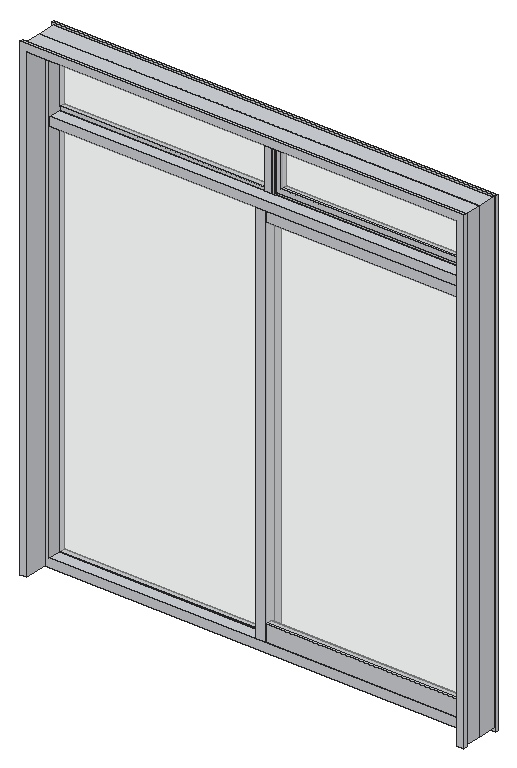
Revit family "APL Residential Thermal Heart Sliding Door SF with Overlight", category Doors, host Wall, Revit 2017 (continued)
Definition of nested family "APL Residential Thermal Heart Sliding Door SF with Overlight Vertical Section"
  Definition of nested family "Sill Two Panel"
    Definition of nested family "65380_Frame Sill"
      Lines and regions (mm)
        detail lines, in view "Ref. Level"
          curve 217: arc (26.583, 24, 0) -> (26.278, 23.801, 0) -> (26.005, 24.043, 0) r 0.3
          curve 218: arc (26.005, 24.043, 0) -> (25.939, 24.181, 0) -> (25.813, 24.269, 0) r 0.3
          curve 219: arc (24.403, 24.782, 0) -> (24.117, 24.738, 0) -> (24.001, 24.474, 0) r 0.3
          curve 220: arc (24.208, 22.109, 0) -> (24.235, 22.008, 0) -> (24.295, 21.923, 0) r 0.3
          curve 221: arc (24.659, 21.559, 0) -> (24.852, 21.507, 0) -> (24.993, 21.648, 0) r 0.2
          curve 222: arc (25.038, 21.816, 0) -> (25.09, 21.905, 0) -> (25.179, 21.957, 0) r 0.2
          curve 223: arc (27.4, 22.5, 0) -> (27.68, 22.307, 0) -> (27.6, 21.977, 0) r 0.3
          curve 224: arc (27.6, 21.977, 0) -> (27.526, 21.875, 0) -> (27.5, 21.753, 0) r 0.3
          curve 225: arc (27.694, 17.75, 0) -> (27.658, 17.578, 0) -> (27.5, 17.5, 0) r 0.2
          curve 226: arc (26.979, 17.5, 0) -> (26.898, 17.511, 0) -> (26.823, 17.544, 0) r 0.3
          curve 227: arc (25.569, 18.309, 0) -> (25.572, 18.479, 0) -> (25.466, 18.612, 0) r 0.25
          curve 228: arc (25.38, 18.664, 0) -> (25.128, 18.668, 0) -> (25, 18.45, 0) r 0.25
          curve 229: arc (25, 16.875, 0) -> (25.128, 16.385, 0) -> (25.479, 16.021, 0) r 1
          curve 230: line (64.2, 22.468, 0) -> (65.7, 22.468, 0)
          curve 231: line (62.286, 10.8, 0) -> (53.629, 10.8, 0)
          curve 232: line (53.629, 10.8, 0) -> (39.189, 9.622, 0)
          curve 233: line (36.605, 8.4, 0) -> (29.901, 8.4, 0)
          curve 234: line (29.4, 8.9, 0) -> (29.4, 22, 0)
          curve 235: line (29.9, 22.5, 0) -> (44.4, 22.5, 0)
          curve 236: line (46.1, 24.2, 0) -> (46.1, 35.405, 0)
          curve 237: line (46.5, 36.5, 0) -> (46.5, 41.1, 0)
          curve 238: line (47, 41.6, 0) -> (65.699, 41.6, 0)
          curve 239: line (66.2, 41.1, 0) -> (66.2, 32, 0)
          curve 240: line (64.2, 25.519, 0) -> (64.2, 16.468, 0)
          curve 241: line (64.2, 16.468, 0) -> (65.701, 16.468, 0)
          curve 242: line (27.5, 14.7, 0) -> (29.4, 14.7, 0)
          curve 243: line (27.317, 8.501, 0) -> (23.754, 8.189, 0)
          curve 244: line (23.583, 7.922, 0) -> (24.399, 5.679, 0)
          curve 245: line (25.569, 5.691, 0) -> (26.823, 6.456, 0)
          curve 246: line (26.979, 6.5, 0) -> (27.5, 6.5, 0)
          curve 247: line (27.694, 6.25, 0) -> (27.5, 5.5, 0)
          curve 248: line (27.5, 5.475, 0) -> (27.5, 2.247, 0)
          curve 249: line (27.168, 1.51, 0) -> (25.179, 2.043, 0)
          curve 250: line (25.038, 2.185, 0) -> (24.993, 2.352, 0)
          curve 251: line (24.659, 2.442, 0) -> (24.295, 2.078, 0)
          curve 252: line (24.208, 1.892, 0) -> (24.001, -0.474, 0)
          curve 253: line (24.403, -0.782, 0) -> (25.813, -0.268, 0)
          curve 254: line (26.583, 0, 0) -> (28.9, 0, 0)
          curve 255: line (29.4, 0.5, 0) -> (29.4, 6.1, 0)
          curve 256: line (29.9, 6.6, 0) -> (33.5, 6.6, 0)
          curve 257: line (33.5, 6.6, 0) -> (33.9, 7, 0)
          curve 258: line (33.9, 7, 0) -> (34.3, 6.6, 0)
          curve 259: line (34.3, 6.6, 0) -> (37.767, 6.6, 0)
          curve 260: line (40.611, 7.831, 0) -> (53.707, 8.9, 0)
          curve 261: line (53.707, 8.9, 0) -> (58.307, 8.9, 0)
          curve 262: line (58.307, 8.9, 0) -> (58.707, 9.3, 0)
          curve 263: line (58.707, 9.3, 0) -> (59.107, 8.9, 0)
          curve 264: line (59.107, 8.9, 0) -> (68.1, 8.9, 0)
          curve 265: line (68.3, 8.7, 0) -> (68.3, 0.5, 0)
          curve 266: line (68.8, 0, 0) -> (71.117, 0, 0)
          curve 267: line (71.887, -0.268, 0) -> (73.297, -0.782, 0)
          curve 268: line (73.699, -0.474, 0) -> (73.492, 1.892, 0)
          curve 269: line (73.405, 2.078, 0) -> (73.041, 2.442, 0)
          curve 270: line (72.707, 2.352, 0) -> (72.662, 2.185, 0)
          curve 271: line (72.521, 2.043, 0) -> (70.532, 1.51, 0)
          curve 272: line (70.2, 2.247, 0) -> (70.2, 5.475, 0)
          curve 273: line (70.2, 5.5, 0) -> (70.006, 6.25, 0)
          curve 274: line (70.2, 6.5, 0) -> (70.721, 6.5, 0)
          curve 275: line (70.877, 6.456, 0) -> (72.131, 5.691, 0)
          curve 276: line (72.7, 5.55, 0) -> (72.7, 7.124, 0)
          curve 277: line (72.7, 8.875, 0) -> (72.7, 10.449, 0)
          curve 278: line (72.131, 10.309, 0) -> (70.877, 9.544, 0)
          curve 279: line (70.721, 9.5, 0) -> (70.2, 9.5, 0)
          curve 280: line (70.006, 9.75, 0) -> (70.2, 10.5, 0)
          curve 281: line (70.2, 10.526, 0) -> (70.2, 13.753, 0)
          curve 282: line (70.532, 14.49, 0) -> (72.521, 13.957, 0)
          curve 283: line (72.662, 13.816, 0) -> (72.707, 13.648, 0)
          curve 284: line (73.041, 13.559, 0) -> (73.405, 13.923, 0)
          curve 285: line (73.492, 14.109, 0) -> (73.699, 16.474, 0)
          curve 286: line (73.297, 16.782, 0) -> (71.887, 16.269, 0)
          curve 287: line (71.117, 16, 0) -> (66.201, 16, 0)
          curve 288: line (65.7, 16.5, 0) -> (65.7, 25.519, 0)
          curve 289: line (67.7, 32, 0) -> (67.7, 33.1, 0)
          curve 290: line (67.9, 33.3, 0) -> (69.3, 33.3, 0)
          curve 291: line (69.5, 33.1, 0) -> (69.5, 32.8, 0)
          curve 292: line (70.5, 32.8, 0) -> (70.5, 35.351, 0)
          curve 293: line (69.5, 35.35, 0) -> (69.5, 34.5, 0)
          curve 294: line (69.3, 34.3, 0) -> (67.9, 34.3, 0)
          curve 295: line (67.7, 34.5, 0) -> (67.7, 41.8, 0)
          curve 296: line (67.9, 42, 0) -> (69.3, 42, 0)
          curve 297: line (69.5, 41.8, 0) -> (69.5, 40.95, 0)
          curve 298: line (70.5, 40.95, 0) -> (70.5, 42.499, 0)
          curve 299: line (70, 43, 0) -> (42.7, 43, 0)
          curve 300: line (42.5, 42.8, 0) -> (42.5, 41.25, 0)
          curve 301: line (43.5, 41.25, 0) -> (43.5, 41.8, 0)
          curve 302: line (43.7, 42, 0) -> (44.8, 42, 0)
          curve 303: line (45, 41.8, 0) -> (45, 36.7, 0)
          curve 304: line (44.8, 36.5, 0) -> (43.7, 36.5, 0)
          curve 305: line (43.5, 36.7, 0) -> (43.5, 37.25, 0)
          curve 306: line (42.5, 37.25, 0) -> (42.5, 36.5, 0)
          curve 307: line (43.5, 35.5, 0) -> (44.395, 35.5, 0)
          curve 308: line (44.6, 35.3, 0) -> (44.6, 24.2, 0)
          curve 309: line (44.395, 24, 0) -> (34.3, 24, 0)
          curve 310: line (34.3, 24, 0) -> (33.9, 23.6, 0)
          curve 311: line (33.9, 23.6, 0) -> (33.5, 24, 0)
          curve 312: line (33.5, 24, 0) -> (26.583, 24, 0)
          curve 313: line (25.813, 24.269, 0) -> (24.403, 24.782, 0)
          curve 314: line (24.001, 24.474, 0) -> (24.208, 22.109, 0)
          curve 315: line (24.295, 21.923, 0) -> (24.659, 21.559, 0)
          curve 316: line (24.993, 21.648, 0) -> (25.038, 21.816, 0)
          curve 317: line (25.179, 21.957, 0) -> (27.168, 22.49, 0)
          curve 318: line (27.5, 21.753, 0) -> (27.5, 18.526, 0)
          curve 319: line (27.5, 18.5, 0) -> (27.694, 17.75, 0)
          curve 320: line (27.5, 17.5, 0) -> (26.979, 17.5, 0)
          curve 321: line (26.823, 17.544, 0) -> (25.569, 18.309, 0)
          curve 322: line (25, 18.45, 0) -> (25, 16.875, 0)
          curve 323: line (25.479, 16.021, 0) -> (26.284, 15.53, 0)
          curve 324: line (26.389, 15.5, 0) -> (27.5, 15.5, 0)
          curve 325: line (27.5, 15.5, 0) -> (27.5, 8.7, 0)
          curve 326: line (27.5, 8.7, 0) -> (29.442, 8.7, 0)
          curve 327: arc (113.4, 35.877, 0) -> (113.327, 35.95, 0) -> (113.3, 36.05, 0) r 0.2
          curve 328: arc (113.3, 40.25, 0) -> (113.327, 40.35, 0) -> (113.4, 40.423, 0) r 0.2
          curve 329: arc (113.4, 40.423, 0) -> (113.473, 40.497, 0) -> (113.5, 40.597, 0) r 0.2
          curve 330: arc (113.5, 41.8, 0) -> (113.441, 41.942, 0) -> (113.3, 42, 0) r 0.2
          curve 331: arc (111.701, 42, 0) -> (111.559, 41.942, 0) -> (111.5, 41.8, 0) r 0.2
          curve 332: arc (111.5, 40.95, 0) -> (111, 40.451, 0) -> (110.5, 40.95, 0) r 0.5
          curve 333: arc (110.5, 42.5, 0) -> (110.646, 42.854, 0) -> (111, 43, 0) r 0.499
          curve 334: arc (114.5, 43, 0) -> (114.847, 42.848, 0) -> (115, 42.5, 0) r 0.523
          curve 335: arc (115, 21.5, 0) -> (114.856, 21.145, 0) -> (114.5, 21, 0) r 0.493
          curve 336: arc (111.7, 21, 0) -> (111.558, 20.942, 0) -> (111.5, 20.8, 0) r 0.199
          curve 337: arc (111.5, 13.2, 0) -> (110.852, 11.56, 0) -> (109.258, 10.805, 0) r 2.399
          curve 338: arc (109.258, 10.805, 0) -> (108.878, 10.589, 0) -> (108.814, 10.156, 0) r 0.5
          curve 339: arc (108.814, 10.156, 0) -> (109, 8.953, 0) -> (108.816, 7.75, 0) r 4
          curve 340: arc (108.816, 7.75, 0) -> (108.89, 7.304, 0) -> (109.293, 7.1, 0) r 0.5
          curve 341: arc (109.5, 7.1, 0) -> (110.914, 6.514, 0) -> (111.5, 5.1, 0) r 2.001
          curve 342: arc (120.75, 1.5, 0) -> (121.501, 0.747, 0) -> (120.745, 0, 0) r 0.75
          curve 343: arc (111.5, 0, 0) -> (110.439, 0.44, 0) -> (110, 1.5, 0) r 1.5
          curve 344: arc (110, 5, 0) -> (109.941, 5.142, 0) -> (109.8, 5.2, 0) r 0.2
          curve 345: arc (100.5, 5.2, 0) -> (100.146, 5.347, 0) -> (100, 5.7, 0) r 0.5
          curve 346: arc (100, 6.2, 0) -> (100.146, 6.554, 0) -> (100.5, 6.7, 0) r 0.5
          curve 347: arc (101.927, 6.7, 0) -> (102.266, 6.833, 0) -> (102.426, 7.16, 0) r 0.5
          curve 348: arc (102.426, 7.16, 0) -> (102.912, 7.803, 0) -> (103.7, 7.634, 0) r 0.75
          curve 349: arc (103.7, 7.634, 0) -> (105, 7.1, 0) -> (106.3, 7.634, 0) r 1.85
          curve 350: arc (106.3, 7.634, 0) -> (106.442, 7.744, 0) -> (106.607, 7.817, 0) r 0.75
          curve 351: arc (106.607, 7.817, 0) -> (106.791, 7.92, 0) -> (106.916, 8.09, 0) r 0.5
          curve 352: arc (106.916, 8.09, 0) -> (107.1, 8.95, 0) -> (106.916, 9.81, 0) r 2.1
          curve 353: arc (106.916, 9.81, 0) -> (106.791, 9.98, 0) -> (106.607, 10.083, 0) r 0.5
          curve 354: arc (106.607, 10.083, 0) -> (106.442, 10.156, 0) -> (106.3, 10.267, 0) r 0.75
          curve 355: arc (106.3, 10.267, 0) -> (105, 10.8, 0) -> (103.7, 10.267, 0) r 1.85
          curve 356: arc (103.7, 10.267, 0) -> (103.027, 10.065, 0) -> (102.482, 10.509, 0) r 0.75
          curve 357: arc (102.482, 10.509, 0) -> (102.32, 10.716, 0) -> (102.075, 10.812, 0) r 0.5
          curve 358: arc (102.075, 10.812, 0) -> (101.154, 11.141, 0) -> (100.481, 11.85, 0) r 2.1
          curve 359: arc (100.481, 11.85, 0) -> (100.298, 12.033, 0) -> (100.048, 12.1, 0) r 0.5
          curve 360: arc (91.556, 12.1, 0) -> (91.287, 12.022, 0) -> (91.103, 11.812, 0) r 0.5
          curve 361: arc (91.103, 11.812, 0) -> (90.328, 10.929, 0) -> (89.2, 10.6, 0) r 2.1
          curve 362: arc (87.9, 10.6, 0) -> (87.193, 10.307, 0) -> (86.9, 9.6, 0) r 1
          curve 363: arc (86.9, 0.5, 0) -> (86.754, 0.147, 0) -> (86.4, 0, 0) r 0.5
          curve 364: arc (84.083, 0, 0) -> (83.778, 0.199, 0) -> (83.505, -0.043, 0) r 0.3
          curve 365: arc (83.505, -0.043, 0) -> (83.439, -0.181, 0) -> (83.313, -0.268, 0) r 0.3
          curve 366: arc (81.903, -0.782, 0) -> (81.617, -0.738, 0) -> (81.501, -0.474, 0) r 0.3
          curve 367: arc (81.708, 1.892, 0) -> (81.735, 1.993, 0) -> (81.795, 2.078, 0) r 0.3
          curve 368: arc (82.159, 2.442, 0) -> (82.352, 2.493, 0) -> (82.493, 2.352, 0) r 0.2
          curve 369: arc (82.538, 2.185, 0) -> (82.59, 2.095, 0) -> (82.679, 2.043, 0) r 0.2
          curve 370: arc (84.9, 1.5, 0) -> (85.18, 1.693, 0) -> (85.1, 2.024, 0) r 0.3
          curve 371: arc (85.1, 2.024, 0) -> (85.026, 2.125, 0) -> (85, 2.247, 0) r 0.3
          curve 372: arc (85.194, 6.25, 0) -> (85.158, 6.423, 0) -> (85, 6.5, 0) r 0.2
          curve 373: arc (84.479, 6.5, 0) -> (84.398, 6.489, 0) -> (84.323, 6.456, 0) r 0.3
          curve 374: arc (83.069, 5.691, 0) -> (83.072, 5.521, 0) -> (82.966, 5.389, 0) r 0.25
          curve 375: arc (82.88, 5.337, 0) -> (82.628, 5.332, 0) -> (82.5, 5.55, 0) r 0.25
          curve 376: arc (82.5, 7.126, 0) -> (82.582, 7.523, 0) -> (82.815, 7.854, 0) r 1
          curve 377: arc (82.815, 7.854, 0) -> (82.878, 8, 0) -> (82.815, 8.146, 0) r 0.2
          curve 378: arc (82.815, 8.146, 0) -> (82.582, 8.478, 0) -> (82.5, 8.875, 0) r 1
          curve 379: arc (82.5, 10.45, 0) -> (82.628, 10.668, 0) -> (82.88, 10.664, 0) r 0.25
          curve 380: arc (82.966, 10.612, 0) -> (83.072, 10.479, 0) -> (83.069, 10.309, 0) r 0.25
          curve 381: arc (84.323, 9.544, 0) -> (84.398, 9.511, 0) -> (84.479, 9.5, 0) r 0.3
          curve 382: arc (85, 9.5, 0) -> (85.158, 9.578, 0) -> (85.194, 9.75, 0) r 0.2
          curve 383: arc (85, 13.753, 0) -> (85.026, 13.875, 0) -> (85.1, 13.977, 0) r 0.3
          curve 384: arc (85.1, 13.977, 0) -> (85.18, 14.307, 0) -> (84.9, 14.5, 0) r 0.3
          curve 385: arc (82.679, 13.957, 0) -> (82.59, 13.905, 0) -> (82.538, 13.816, 0) r 0.2
          curve 386: arc (82.493, 13.648, 0) -> (82.352, 13.507, 0) -> (82.159, 13.559, 0) r 0.2
          curve 387: arc (81.795, 13.923, 0) -> (81.735, 14.008, 0) -> (81.708, 14.109, 0) r 0.3
          curve 388: arc (81.501, 16.474, 0) -> (81.617, 16.738, 0) -> (81.903, 16.782, 0) r 0.3
          curve 389: arc (83.313, 16.269, 0) -> (83.439, 16.181, 0) -> (83.505, 16.043, 0) r 0.3
          curve 390: arc (83.505, 16.043, 0) -> (83.778, 15.801, 0) -> (84.083, 16, 0) r 0.3
          curve 391: arc (86.7, 16, 0) -> (86.841, 15.942, 0) -> (86.9, 15.8, 0) r 0.2
          curve 392: arc (86.9, 12.7, 0) -> (86.959, 12.559, 0) -> (87.1, 12.5, 0) r 0.2
          curve 393: arc (89.2, 12.5, 0) -> (89.341, 12.559, 0) -> (89.4, 12.7, 0) r 0.2
          curve 394: arc (89.4, 13.8, 0) -> (89.459, 13.942, 0) -> (89.6, 14, 0) r 0.2
          curve 395: arc (101.9, 14, 0) -> (102.042, 13.942, 0) -> (102.1, 13.8, 0) r 0.2
          curve 396: arc (102.1, 12.9, 0) -> (102.159, 12.759, 0) -> (102.3, 12.7, 0) r 0.2
          curve 397: arc (109.1, 12.7, 0) -> (109.454, 12.847, 0) -> (109.6, 13.2, 0) r 0.5
          curve 398: arc (109.6, 14.5, 0) -> (109.541, 14.642, 0) -> (109.4, 14.7, 0) r 0.2
          curve 399: arc (107.3, 14.7, 0) -> (107.159, 14.759, 0) -> (107.1, 14.9, 0) r 0.2
          curve 400: arc (107.1, 15.8, 0) -> (107.159, 15.942, 0) -> (107.3, 16, 0) r 0.2
          curve 401: arc (109.5, 16, 0) -> (109.854, 16.147, 0) -> (110, 16.5, 0) r 0.5
          curve 402: arc (110, 22.8, 0) -> (110.146, 23.154, 0) -> (110.5, 23.3, 0) r 0.5
          curve 403: arc (111.3, 23.3, 0) -> (111.441, 23.242, 0) -> (111.5, 23.1, 0) r 0.2
          curve 404: arc (113.3, 22.3, 0) -> (113.441, 22.359, 0) -> (113.5, 22.5, 0) r 0.2
          curve 405: arc (113.5, 27.4, 0) -> (113.1, 27.8, 0) -> (113.5, 28.2, 0) r 0.4
          curve 406: arc (113.5, 33.1, 0) -> (113.441, 33.242, 0) -> (113.3, 33.3, 0) r 0.2
          curve 407: arc (111.5, 32.7, 0) -> (111.383, 32.418, 0) -> (111.1, 32.3, 0) r 0.4
          curve 408: arc (111, 32.3, 0) -> (110.646, 32.447, 0) -> (110.5, 32.8, 0) r 0.5
          curve 409: arc (110.5, 35.35, 0) -> (111, 35.85, 0) -> (111.5, 35.35, 0) r 0.5
          curve 410: arc (111.5, 34.5, 0) -> (111.559, 34.359, 0) -> (111.7, 34.3, 0) r 0.2
          curve 411: arc (113.3, 34.3, 0) -> (113.441, 34.359, 0) -> (113.5, 34.5, 0) r 0.2
          curve 412: line (113.3, 36.05, 0) -> (113.3, 40.25, 0)
          curve 413: line (113.5, 40.597, 0) -> (113.5, 41.8, 0)
          curve 414: line (113.3, 42, 0) -> (111.701, 42, 0)
          curve 415: line (111.5, 41.8, 0) -> (111.5, 40.95, 0)
          curve 416: line (110.5, 40.95, 0) -> (110.5, 42.5, 0)
          curve 417: line (111, 43, 0) -> (114.5, 43, 0)
          curve 418: line (115, 42.5, 0) -> (115, 21.5, 0)
          curve 419: line (114.5, 21, 0) -> (111.7, 21, 0)
          curve 420: line (111.5, 20.8, 0) -> (111.5, 13.2, 0)
          curve 421: line (109.293, 7.1, 0) -> (109.5, 7.1, 0)
          curve 422: line (111.5, 5.1, 0) -> (111.5, 1.5, 0)
          curve 423: line (111.5, 1.5, 0) -> (120.75, 1.5, 0)
          curve 424: line (120.745, 0, 0) -> (119, 0, 0)
          curve 425: line (119, 0, 0) -> (118.6, 0.4, 0)
          curve 426: line (118.6, 0.4, 0) -> (112.3, 0.4, 0)
          curve 427: line (112.3, 0.4, 0) -> (111.9, 0, 0)
          curve 428: line (111.9, 0, 0) -> (111.5, 0, 0)
          curve 429: line (110, 1.5, 0) -> (110, 5, 0)
          curve 430: line (109.8, 5.2, 0) -> (100.5, 5.2, 0)
          curve 431: line (100, 5.7, 0) -> (100, 6.2, 0)
          curve 432: line (100.5, 6.7, 0) -> (101.927, 6.7, 0)
          curve 433: line (100.048, 12.1, 0) -> (91.556, 12.1, 0)
          curve 434: line (89.2, 10.6, 0) -> (87.9, 10.6, 0)
          curve 435: line (86.9, 9.6, 0) -> (86.9, 0.5, 0)
          curve 436: line (86.4, 0, 0) -> (84.083, 0, 0)
          curve 437: line (83.313, -0.268, 0) -> (81.903, -0.782, 0)
          curve 438: line (81.501, -0.474, 0) -> (81.708, 1.892, 0)
          curve 439: line (81.795, 2.078, 0) -> (82.159, 2.442, 0)
          curve 440: line (82.493, 2.352, 0) -> (82.538, 2.185, 0)
          curve 441: line (82.679, 2.043, 0) -> (84.668, 1.51, 0)
          curve 442: line (85, 2.247, 0) -> (85, 5.475, 0)
          curve 443: line (85, 5.5, 0) -> (85.194, 6.25, 0)
          curve 444: line (85, 6.5, 0) -> (84.479, 6.5, 0)
          curve 445: line (84.323, 6.456, 0) -> (83.069, 5.691, 0)
          curve 446: line (82.5, 5.55, 0) -> (82.5, 7.126, 0)
          curve 447: line (82.5, 8.875, 0) -> (82.5, 10.45, 0)
          curve 448: line (83.069, 10.309, 0) -> (84.323, 9.544, 0)
          curve 449: line (84.479, 9.5, 0) -> (85, 9.5, 0)
          curve 450: line (85.194, 9.75, 0) -> (85, 10.5, 0)
          curve 451: line (85, 10.526, 0) -> (85, 13.753, 0)
          curve 452: line (84.668, 14.49, 0) -> (82.679, 13.957, 0)
          curve 453: line (82.538, 13.816, 0) -> (82.493, 13.648, 0)
          curve 454: line (82.159, 13.559, 0) -> (81.795, 13.923, 0)
          curve 455: line (81.708, 14.109, 0) -> (81.501, 16.474, 0)
          curve 456: line (81.903, 16.782, 0) -> (83.313, 16.269, 0)
          curve 457: line (84.083, 16, 0) -> (86.7, 16, 0)
          curve 458: line (86.9, 15.8, 0) -> (86.9, 12.7, 0)
          curve 459: line (87.1, 12.5, 0) -> (89.2, 12.5, 0)
          curve 460: line (89.4, 12.7, 0) -> (89.4, 13.8, 0)
          curve 461: line (89.6, 14, 0) -> (95.4, 14, 0)
          curve 462: line (95.4, 14, 0) -> (95.8, 13.6, 0)
          curve 463: line (95.8, 13.6, 0) -> (96.2, 14, 0)
          curve 464: line (96.2, 14, 0) -> (101.9, 14, 0)
          curve 465: line (102.1, 13.8, 0) -> (102.1, 12.9, 0)
          curve 466: line (102.3, 12.7, 0) -> (109.1, 12.7, 0)
          curve 467: line (109.6, 13.2, 0) -> (109.6, 14.5, 0)
          curve 468: line (109.4, 14.7, 0) -> (107.3, 14.7, 0)
          curve 469: line (107.1, 14.9, 0) -> (107.1, 15.8, 0)
          curve 470: line (107.3, 16, 0) -> (109.5, 16, 0)
          curve 471: line (110, 16.5, 0) -> (110, 22.8, 0)
          curve 472: line (110.5, 23.3, 0) -> (111.3, 23.3, 0)
          curve 473: line (111.5, 23.1, 0) -> (111.5, 22.3, 0)
          curve 474: line (111.5, 22.3, 0) -> (113.3, 22.3, 0)
          curve 475: line (113.5, 22.5, 0) -> (113.5, 27.4, 0)
          curve 476: line (113.5, 28.2, 0) -> (113.5, 33.1, 0)
          curve 477: line (113.3, 33.3, 0) -> (111.5, 33.3, 0)
          curve 478: line (111.5, 33.3, 0) -> (111.5, 32.7, 0)
          curve 479: line (110.5, 32.8, 0) -> (110.5, 35.35, 0)
          curve 480: line (111.5, 35.35, 0) -> (111.5, 34.5, 0)
          curve 481: line (111.7, 34.3, 0) -> (113.3, 34.3, 0)
          curve 482: line (113.5, 34.5, 0) -> (113.5, 35.704, 0)
          curve 483: arc (113.5, 35.704, 0) -> (113.473, 35.804, 0) -> (113.4, 35.877, 0) r 0.2
          curve 484: arc (12.7, 2.2, 0) -> (12.817, 1.917, 0) -> (13.1, 1.8, 0) r 0.4
          curve 485: arc (13.393, 1.8, 0) -> (13.496, 1.814, 0) -> (13.593, 1.854, 0) r 0.4
          curve 486: arc (15.121, 2.739, 0) -> (15.411, 2.859, 0) -> (15.722, 2.9, 0) r 1.2
          curve 487: arc (16.645, 2.9, 0) -> (17.218, 3.081, 0) -> (17.584, 3.558, 0) r 1
          curve 488: arc (18.377, 5.737, 0) -> (18.524, 5.928, 0) -> (18.753, 6, 0) r 0.4
          curve 489: arc (21.447, 6, 0) -> (21.676, 5.928, 0) -> (21.823, 5.737, 0) r 0.4
          curve 490: arc (22.616, 3.558, 0) -> (22.982, 3.081, 0) -> (23.555, 2.9, 0) r 1
          curve 491: arc (24.478, 2.9, 0) -> (24.789, 2.859, 0) -> (25.079, 2.739, 0) r 1.2
          curve 492: arc (26.607, 1.854, 0) -> (26.704, 1.814, 0) -> (26.807, 1.8, 0) r 0.4
          curve 493: arc (27.1, 1.8, 0) -> (27.383, 1.917, 0) -> (27.5, 2.2, 0) r 0.4
          curve 494: arc (27.5, 5.6, 0) -> (27.383, 5.883, 0) -> (27.1, 6, 0) r 0.4
          curve 495: arc (26.807, 6, 0) -> (26.704, 5.987, 0) -> (26.607, 5.946, 0) r 0.4
          curve 496: arc (25.079, 5.062, 0) -> (24.785, 4.94, 0) -> (24.47, 4.9, 0) r 1.2
          curve 497: arc (24.47, 4.9, 0) -> (24.295, 4.953, 0) -> (24.184, 5.098, 0) r 0.3
          curve 498: arc (23.296, 7.537, 0) -> (23.149, 7.728, 0) -> (22.92, 7.8, 0) r 0.4
          curve 499: arc (17.28, 7.8, 0) -> (17.051, 7.728, 0) -> (16.904, 7.537, 0) r 0.4
          curve 500: arc (16.016, 5.098, 0) -> (15.905, 4.953, 0) -> (15.73, 4.9, 0) r 0.3
          curve 501: arc (15.73, 4.9, 0) -> (15.415, 4.94, 0) -> (15.121, 5.062, 0) r 1.2
          curve 502: arc (13.593, 5.946, 0) -> (13.496, 5.987, 0) -> (13.393, 6, 0) r 0.4
          curve 503: arc (13.1, 6, 0) -> (12.817, 5.883, 0) -> (12.7, 5.6, 0) r 0.4
          curve 504: line (13.1, 1.8, 0) -> (13.393, 1.8, 0)
          curve 505: line (13.593, 1.854, 0) -> (15.121, 2.739, 0)
          curve 506: line (15.722, 2.9, 0) -> (16.645, 2.9, 0)
          curve 507: line (17.584, 3.558, 0) -> (18.377, 5.737, 0)
          curve 508: line (18.753, 6, 0) -> (21.447, 6, 0)
          curve 509: line (21.823, 5.737, 0) -> (22.616, 3.558, 0)
          curve 510: line (23.555, 2.9, 0) -> (24.478, 2.9, 0)
          curve 511: line (25.079, 2.739, 0) -> (26.607, 1.854, 0)
          curve 512: line (26.807, 1.8, 0) -> (27.1, 1.8, 0)
          curve 513: line (27.5, 2.2, 0) -> (27.5, 5.6, 0)
          curve 514: line (27.1, 6, 0) -> (26.807, 6, 0)
          curve 515: line (26.607, 5.946, 0) -> (25.079, 5.062, 0)
          curve 516: line (24.184, 5.098, 0) -> (23.296, 7.537, 0)
          curve 517: line (22.92, 7.8, 0) -> (17.28, 7.8, 0)
          curve 518: line (16.904, 7.537, 0) -> (16.016, 5.098, 0)
          curve 519: line (15.121, 5.062, 0) -> (13.593, 5.946, 0)
          curve 520: line (13.393, 6, 0) -> (13.1, 6, 0)
          curve 521: line (12.7, 5.6, 0) -> (12.7, 2.2, 0)
          curve 522: arc (12.7, 18.4, 0) -> (12.817, 18.117, 0) -> (13.1, 18, 0) r 0.4
          curve 523: arc (13.393, 18, 0) -> (13.496, 18.014, 0) -> (13.593, 18.054, 0) r 0.4
          curve 524: arc (15.121, 18.939, 0) -> (15.411, 19.059, 0) -> (15.722, 19.1, 0) r 1.2
          curve 525: arc (16.645, 19.1, 0) -> (17.218, 19.281, 0) -> (17.584, 19.758, 0) r 1
          curve 526: arc (18.377, 21.937, 0) -> (18.524, 22.128, 0) -> (18.753, 22.2, 0) r 0.4
          curve 527: arc (21.447, 22.2, 0) -> (21.676, 22.128, 0) -> (21.823, 21.937, 0) r 0.4
          curve 528: arc (22.616, 19.758, 0) -> (22.982, 19.281, 0) -> (23.555, 19.1, 0) r 1
          curve 529: arc (24.478, 19.1, 0) -> (24.789, 19.059, 0) -> (25.079, 18.939, 0) r 1.2
          curve 530: arc (26.607, 18.054, 0) -> (26.704, 18.014, 0) -> (26.807, 18, 0) r 0.4
          curve 531: arc (27.1, 18, 0) -> (27.383, 18.117, 0) -> (27.5, 18.4, 0) r 0.4
          curve 532: arc (27.5, 21.8, 0) -> (27.383, 22.083, 0) -> (27.1, 22.2, 0) r 0.4
          curve 533: arc (26.807, 22.2, 0) -> (26.704, 22.187, 0) -> (26.607, 22.146, 0) r 0.4
          curve 534: arc (25.079, 21.262, 0) -> (24.785, 21.14, 0) -> (24.47, 21.1, 0) r 1.2
          curve 535: arc (24.47, 21.1, 0) -> (24.295, 21.153, 0) -> (24.184, 21.298, 0) r 0.3
          curve 536: arc (23.296, 23.737, 0) -> (23.149, 23.928, 0) -> (22.92, 24, 0) r 0.4
          curve 537: arc (17.28, 24, 0) -> (17.051, 23.928, 0) -> (16.904, 23.737, 0) r 0.4
          curve 538: arc (16.016, 21.298, 0) -> (15.905, 21.153, 0) -> (15.73, 21.1, 0) r 0.3
          curve 539: arc (15.73, 21.1, 0) -> (15.415, 21.14, 0) -> (15.121, 21.262, 0) r 1.2
          curve 540: arc (13.593, 22.146, 0) -> (13.496, 22.187, 0) -> (13.393, 22.2, 0) r 0.4
          curve 541: arc (13.1, 22.2, 0) -> (12.817, 22.083, 0) -> (12.7, 21.8, 0) r 0.4
          curve 542: line (13.1, 18, 0) -> (13.393, 18, 0)
          curve 543: line (13.593, 18.054, 0) -> (15.121, 18.939, 0)
          curve 544: line (15.722, 19.1, 0) -> (16.645, 19.1, 0)
          curve 545: line (17.584, 19.758, 0) -> (18.377, 21.937, 0)
          curve 546: line (18.753, 22.2, 0) -> (21.447, 22.2, 0)
          curve 547: line (21.823, 21.937, 0) -> (22.616, 19.758, 0)
          curve 548: line (23.555, 19.1, 0) -> (24.478, 19.1, 0)
          curve 549: line (25.079, 18.939, 0) -> (26.607, 18.054, 0)
          curve 550: line (26.807, 18, 0) -> (27.1, 18, 0)
          curve 551: line (27.5, 18.4, 0) -> (27.5, 21.8, 0)
          curve 552: line (27.1, 22.2, 0) -> (26.807, 22.2, 0)
          curve 553: line (26.607, 22.146, 0) -> (25.079, 21.262, 0)
          curve 554: line (24.184, 21.298, 0) -> (23.296, 23.737, 0)
          curve 555: line (22.92, 24, 0) -> (17.28, 24, 0)
          curve 556: line (16.904, 23.737, 0) -> (16.016, 21.298, 0)
          curve 557: line (15.121, 21.262, 0) -> (13.593, 22.146, 0)
          curve 558: line (13.393, 22.2, 0) -> (13.1, 22.2, 0)
          curve 559: line (12.7, 21.8, 0) -> (12.7, 18.4, 0)
          curve 560: arc (70.2, 10.4, 0) -> (70.317, 10.117, 0) -> (70.6, 10, 0) r 0.4
          curve 561: arc (70.893, 10, 0) -> (70.996, 10.014, 0) -> (71.093, 10.054, 0) r 0.4
          curve 562: arc (72.621, 10.939, 0) -> (72.911, 11.059, 0) -> (73.222, 11.1, 0) r 1.2
          curve 563: arc (74.145, 11.1, 0) -> (74.718, 11.281, 0) -> (75.084, 11.758, 0) r 1
          curve 564: arc (75.877, 13.937, 0) -> (76.024, 14.128, 0) -> (76.253, 14.2, 0) r 0.4
          curve 565: arc (78.947, 14.2, 0) -> (79.176, 14.128, 0) -> (79.323, 13.937, 0) r 0.4
          curve 566: arc (80.116, 11.758, 0) -> (80.482, 11.281, 0) -> (81.055, 11.1, 0) r 1
          curve 567: arc (81.978, 11.1, 0) -> (82.289, 11.059, 0) -> (82.579, 10.939, 0) r 1.2
          curve 568: arc (84.107, 10.054, 0) -> (84.204, 10.014, 0) -> (84.307, 10, 0) r 0.4
          curve 569: arc (84.6, 10, 0) -> (84.883, 10.117, 0) -> (85, 10.4, 0) r 0.4
          curve 570: arc (85, 13.8, 0) -> (84.883, 14.083, 0) -> (84.6, 14.2, 0) r 0.4
          curve 571: arc (84.307, 14.2, 0) -> (84.204, 14.187, 0) -> (84.107, 14.146, 0) r 0.4
          curve 572: arc (82.579, 13.262, 0) -> (82.285, 13.14, 0) -> (81.97, 13.1, 0) r 1.2
          curve 573: arc (81.97, 13.1, 0) -> (81.795, 13.153, 0) -> (81.684, 13.298, 0) r 0.3
          curve 574: arc (80.796, 15.737, 0) -> (80.649, 15.928, 0) -> (80.42, 16, 0) r 0.4
          curve 575: arc (74.78, 16, 0) -> (74.551, 15.928, 0) -> (74.404, 15.737, 0) r 0.4
          curve 576: arc (73.516, 13.298, 0) -> (73.405, 13.153, 0) -> (73.23, 13.1, 0) r 0.3
          curve 577: arc (73.23, 13.1, 0) -> (72.915, 13.14, 0) -> (72.621, 13.262, 0) r 1.2
          curve 578: arc (71.093, 14.146, 0) -> (70.996, 14.187, 0) -> (70.893, 14.2, 0) r 0.4
          curve 579: arc (70.6, 14.2, 0) -> (70.317, 14.083, 0) -> (70.2, 13.8, 0) r 0.4
          curve 580: line (70.6, 10, 0) -> (70.893, 10, 0)
          curve 581: line (71.093, 10.054, 0) -> (72.621, 10.939, 0)
          curve 582: line (73.222, 11.1, 0) -> (74.145, 11.1, 0)
          curve 583: line (75.084, 11.758, 0) -> (75.877, 13.937, 0)
          curve 584: line (76.253, 14.2, 0) -> (78.947, 14.2, 0)
          curve 585: line (79.323, 13.937, 0) -> (80.116, 11.758, 0)
          curve 586: line (81.055, 11.1, 0) -> (81.978, 11.1, 0)
          curve 587: line (82.579, 10.939, 0) -> (84.107, 10.054, 0)
          curve 588: line (84.307, 10, 0) -> (84.6, 10, 0)
          curve 589: line (85, 10.4, 0) -> (85, 13.8, 0)
          curve 590: line (84.6, 14.2, 0) -> (84.307, 14.2, 0)
          curve 591: line (84.107, 14.146, 0) -> (82.579, 13.262, 0)
          curve 592: line (81.684, 13.298, 0) -> (80.796, 15.737, 0)
          curve 593: line (80.42, 16, 0) -> (74.78, 16, 0)
          curve 594: line (74.404, 15.737, 0) -> (73.516, 13.298, 0)
          curve 595: line (72.621, 13.262, 0) -> (71.093, 14.146, 0)
          curve 596: line (70.893, 14.2, 0) -> (70.6, 14.2, 0)
          curve 597: line (70.2, 13.8, 0) -> (70.2, 10.4, 0)
          curve 598: arc (70.2, 5.6, 0) -> (70.317, 5.883, 0) -> (70.6, 6, 0) r 0.4
          curve 599: arc (70.893, 6, 0) -> (70.996, 5.987, 0) -> (71.093, 5.946, 0) r 0.4
          curve 600: arc (72.621, 5.062, 0) -> (72.911, 4.941, 0) -> (73.222, 4.9, 0) r 1.2
          curve 601: arc (74.145, 4.9, 0) -> (74.718, 4.719, 0) -> (75.084, 4.242, 0) r 1
          curve 602: arc (75.877, 2.063, 0) -> (76.024, 1.873, 0) -> (76.253, 1.8, 0) r 0.4
          curve 603: arc (78.947, 1.8, 0) -> (79.176, 1.873, 0) -> (79.323, 2.063, 0) r 0.4
          curve 604: arc (80.116, 4.242, 0) -> (80.482, 4.719, 0) -> (81.055, 4.9, 0) r 1
          curve 605: arc (81.978, 4.9, 0) -> (82.289, 4.941, 0) -> (82.579, 5.062, 0) r 1.2
          curve 606: arc (84.107, 5.946, 0) -> (84.204, 5.987, 0) -> (84.307, 6, 0) r 0.4
          curve 607: arc (84.6, 6, 0) -> (84.883, 5.883, 0) -> (85, 5.6, 0) r 0.4
          curve 608: arc (85, 2.2, 0) -> (84.883, 1.917, 0) -> (84.6, 1.8, 0) r 0.4
          curve 609: arc (84.307, 1.8, 0) -> (84.204, 1.814, 0) -> (84.107, 1.854, 0) r 0.4
          curve 610: arc (82.579, 2.739, 0) -> (82.285, 2.86, 0) -> (81.97, 2.9, 0) r 1.2
          curve 611: arc (81.97, 2.9, 0) -> (81.795, 2.847, 0) -> (81.684, 2.703, 0) r 0.3
          curve 612: arc (80.796, 0.263, 0) -> (80.649, 0.073, 0) -> (80.42, 0, 0) r 0.4
          curve 613: arc (74.78, 0, 0) -> (74.551, 0.073, 0) -> (74.404, 0.263, 0) r 0.4
          curve 614: arc (73.516, 2.703, 0) -> (73.405, 2.847, 0) -> (73.23, 2.9, 0) r 0.3
          curve 615: arc (73.23, 2.9, 0) -> (72.915, 2.86, 0) -> (72.621, 2.739, 0) r 1.2
          curve 616: arc (71.093, 1.854, 0) -> (70.996, 1.814, 0) -> (70.893, 1.8, 0) r 0.4
          curve 617: arc (70.6, 1.8, 0) -> (70.317, 1.917, 0) -> (70.2, 2.2, 0) r 0.4
          curve 618: line (70.6, 6, 0) -> (70.893, 6, 0)
          curve 619: line (71.093, 5.946, 0) -> (72.621, 5.062, 0)
          curve 620: line (73.222, 4.9, 0) -> (74.145, 4.9, 0)
          curve 621: line (75.084, 4.242, 0) -> (75.877, 2.063, 0)
          curve 622: line (76.253, 1.8, 0) -> (78.947, 1.8, 0)
          curve 623: line (79.323, 2.063, 0) -> (80.116, 4.242, 0)
          curve 624: line (81.055, 4.9, 0) -> (81.978, 4.9, 0)
          curve 625: line (82.579, 5.062, 0) -> (84.107, 5.946, 0)
          curve 626: line (84.307, 6, 0) -> (84.6, 6, 0)
          curve 627: line (85, 5.6, 0) -> (85, 2.2, 0)
          curve 628: line (84.6, 1.8, 0) -> (84.307, 1.8, 0)
          curve 629: line (84.107, 1.854, 0) -> (82.579, 2.739, 0)
          curve 630: line (81.684, 2.703, 0) -> (80.796, 0.263, 0)
          curve 631: line (80.42, 0, 0) -> (74.78, 0, 0)
          curve 632: line (74.404, 0.263, 0) -> (73.516, 2.703, 0)
          curve 633: line (72.621, 2.739, 0) -> (71.093, 1.854, 0)
          curve 634: line (70.893, 1.8, 0) -> (70.6, 1.8, 0)
          curve 635: line (70.2, 2.2, 0) -> (70.2, 5.6, 0)
          curve 636: line (106.85, 34.861, 0) -> (112.6, 36.402, 0)
          curve 637: line (111.139, 36.01, 0) -> (106.85, 36.01, 0)
          curve 638: line (112.6, 36.85, 0) -> (106.85, 36.85, 0)
          curve 639: line (112.6, 37.69, 0) -> (106.85, 37.69, 0)
          curve 640: line (112.6, 38.61, 0) -> (106.85, 38.61, 0)
          curve 641: line (112.6, 39.45, 0) -> (106.85, 39.45, 0)
          curve 642: line (111.139, 40.29, 0) -> (106.85, 40.29, 0)
          curve 643: line (112.6, 39.899, 0) -> (106.85, 41.439, 0)
          curve 644: line (112.85, 34.7, 0) -> (112.85, 41.6, 0)
          curve 645: line (112.6, 41.6, 0) -> (112.6, 34.7, 0)
          curve 646: line (112.6, 34.7, 0) -> (113.1, 34.7, 0)
          curve 647: line (113.1, 34.7, 0) -> (113.1, 41.6, 0)
          curve 648: line (113.1, 41.6, 0) -> (112.6, 41.6, 0)
          curve 662: line (74.15, 34.861, 0) -> (68.4, 36.402, 0)
          curve 663: line (69.861, 36.01, 0) -> (74.15, 36.01, 0)
          curve 664: line (68.4, 36.85, 0) -> (74.15, 36.85, 0)
          curve 665: line (68.4, 37.69, 0) -> (74.15, 37.69, 0)
          curve 666: line (68.4, 38.61, 0) -> (74.15, 38.61, 0)
          curve 667: line (68.4, 39.45, 0) -> (74.15, 39.45, 0)
          curve 668: line (69.861, 40.29, 0) -> (74.15, 40.29, 0)
          curve 669: line (68.4, 39.899, 0) -> (74.15, 41.439, 0)
          curve 670: line (68.15, 34.7, 0) -> (68.15, 41.6, 0)
          curve 671: line (68.4, 41.6, 0) -> (68.4, 34.7, 0)
          curve 672: line (68.4, 34.7, 0) -> (67.9, 34.7, 0)
          curve 673: line (67.9, 34.7, 0) -> (67.9, 41.6, 0)
          curve 674: line (67.9, 41.6, 0) -> (68.4, 41.6, 0)
        detail lines, in view "Ref. Level", not visible
          curve 649: line (101.764, -41.439, 0) -> (107.514, -39.899, 0)
          curve 650: line (106.053, -40.29, 0) -> (101.764, -40.29, 0)
          curve 651: line (107.514, -39.45, 0) -> (101.764, -39.45, 0)
          curve 652: line (107.514, -38.61, 0) -> (101.764, -38.61, 0)
          curve 653: line (107.514, -37.69, 0) -> (101.764, -37.69, 0)
          curve 654: line (107.514, -36.85, 0) -> (101.764, -36.85, 0)
          curve 655: line (106.053, -36.01, 0) -> (101.764, -36.01, 0)
          curve 656: line (107.514, -36.401, 0) -> (101.764, -34.861, 0)
          curve 657: line (107.764, -41.6, 0) -> (107.764, -34.7, 0)
          curve 658: line (107.514, -34.7, 0) -> (107.514, -41.6, 0)
          curve 659: line (107.514, -41.6, 0) -> (108.014, -41.6, 0)
          curve 660: line (108.014, -41.6, 0) -> (108.014, -34.7, 0)
          curve 661: line (108.014, -34.7, 0) -> (107.514, -34.7, 0)
      Text (mm)
        text "65380" at (9.719, 46, 0), in view "Ref. Level"
  Definition of nested family "Two Panel Overlight"
    Reference planes
      plane 1 "Center (Front/Back)": y = 0
      plane 2: z = 0
      plane 3 "Center (Left/Right)": x = 0
    Lines and regions (mm)
      detail lines, in view "Ref. Level"
        curve 1: arc (40.746, 3.459, 0) -> (40.436, 3.599, 0) -> (40.274, 3.3, 0) r 0.25
        curve 2: arc (40.3, -6.588, 0) -> (40.462, -6.887, 0) -> (40.773, -6.747, 0) r 0.25
        curve 3: line (40.274, 3.3, 0) -> (41.268, -0.567, 0)
        curve 4: line (41.268, -0.567, 0) -> (40.264, -1.146, 0)
        curve 5: line (40.264, -1.146, 0) -> (40.264, -2.146, 0)
        curve 6: line (40.264, -2.146, 0) -> (41.29, -2.738, 0)
        curve 7: line (41.29, -2.738, 0) -> (40.3, -6.588, 0)
        curve 8: line (40.773, -6.747, 0) -> (42.497, -2.646, 0)
        curve 9: line (42.497, -2.646, 0) -> (43.764, -2.646, 0)
        curve 10: line (43.764, -2.646, 0) -> (43.764, -3.896, 0)
        curve 11: line (43.764, -3.896, 0) -> (44.764, -3.896, 0)
        curve 12: line (44.764, -3.896, 0) -> (44.764, 0.604, 0)
        curve 13: line (44.764, 0.604, 0) -> (43.764, 0.604, 0)
        curve 14: line (43.764, 0.604, 0) -> (43.764, -0.646, 0)
        curve 15: line (43.764, -0.646, 0) -> (42.473, -0.646, 0)
        curve 16: line (42.473, -0.646, 0) -> (40.746, 3.459, 0)
        curve 33: line (74.114, -56.036, 0) -> (68.364, -54.495, 0)
        curve 34: line (69.825, -54.887, 0) -> (74.114, -54.887, 0)
        curve 35: line (68.364, -54.047, 0) -> (74.114, -54.047, 0)
        curve 36: line (68.364, -53.207, 0) -> (74.114, -53.207, 0)
        curve 37: line (68.364, -52.287, 0) -> (74.114, -52.287, 0)
        curve 38: line (68.364, -51.447, 0) -> (74.114, -51.447, 0)
        curve 39: line (69.825, -50.607, 0) -> (74.114, -50.607, 0)
        curve 40: line (68.364, -50.998, 0) -> (74.114, -49.457, 0)
        curve 41: line (68.114, -56.197, 0) -> (68.114, -49.297, 0)
        curve 42: line (68.364, -49.297, 0) -> (68.364, -56.197, 0)
        curve 43: line (68.364, -56.197, 0) -> (67.864, -56.197, 0)
        curve 44: line (67.864, -56.197, 0) -> (67.864, -49.297, 0)
        curve 45: line (67.864, -49.297, 0) -> (68.364, -49.297, 0)
        curve 59: line (106.514, -56.036, 0) -> (112.264, -54.495, 0)
        curve 60: line (110.803, -54.887, 0) -> (106.514, -54.887, 0)
        curve 61: line (112.264, -54.047, 0) -> (106.514, -54.047, 0)
        curve 62: line (112.264, -53.207, 0) -> (106.514, -53.207, 0)
        curve 63: line (112.264, -52.287, 0) -> (106.514, -52.287, 0)
        curve 64: line (112.264, -51.447, 0) -> (106.514, -51.447, 0)
        curve 65: line (110.803, -50.607, 0) -> (106.514, -50.607, 0)
        curve 66: line (112.264, -50.998, 0) -> (106.514, -49.457, 0)
        curve 67: line (112.514, -56.197, 0) -> (112.514, -49.297, 0)
        curve 68: line (112.264, -49.297, 0) -> (112.264, -56.197, 0)
        curve 69: line (112.264, -56.197, 0) -> (112.764, -56.197, 0)
        curve 70: line (112.764, -56.197, 0) -> (112.764, -49.297, 0)
        curve 71: line (112.764, -49.297, 0) -> (112.264, -49.297, 0)
      detail lines, in view "Ref. Level", not visible
        curve 17: arc (33.161, -9.933, 0) -> (32.851, -9.793, 0) -> (32.689, -10.092, 0) r 0.25
        curve 18: arc (32.715, -19.98, 0) -> (32.877, -20.279, 0) -> (33.188, -20.139, 0) r 0.25
        curve 19: line (32.689, -10.092, 0) -> (33.683, -13.959, 0)
        curve 20: line (33.683, -13.959, 0) -> (32.679, -14.539, 0)
        curve 21: line (32.679, -14.539, 0) -> (32.679, -15.539, 0)
        curve 22: line (32.679, -15.539, 0) -> (33.705, -16.131, 0)
        curve 23: line (33.705, -16.131, 0) -> (32.715, -19.98, 0)
        curve 24: line (33.188, -20.139, 0) -> (34.912, -16.039, 0)
        curve 25: line (34.912, -16.039, 0) -> (36.179, -16.039, 0)
        curve 26: line (36.179, -16.039, 0) -> (36.179, -17.289, 0)
        curve 27: line (36.179, -17.289, 0) -> (37.179, -17.289, 0)
        curve 28: line (37.179, -17.289, 0) -> (37.179, -12.789, 0)
        curve 29: line (37.179, -12.789, 0) -> (36.179, -12.789, 0)
        curve 30: line (36.179, -12.789, 0) -> (36.179, -14.039, 0)
        curve 31: line (36.179, -14.039, 0) -> (34.887, -14.039, 0)
        curve 32: line (34.887, -14.039, 0) -> (33.161, -9.933, 0)
        curve 46: line (101.764, -41.439, 0) -> (107.514, -39.899, 0)
        curve 47: line (106.053, -40.29, 0) -> (101.764, -40.29, 0)
        curve 48: line (107.514, -39.45, 0) -> (101.764, -39.45, 0)
        curve 49: line (107.514, -38.61, 0) -> (101.764, -38.61, 0)
        curve 50: line (107.514, -37.69, 0) -> (101.764, -37.69, 0)
        curve 51: line (107.514, -36.85, 0) -> (101.764, -36.85, 0)
        curve 52: line (106.053, -36.01, 0) -> (101.764, -36.01, 0)
        curve 53: line (107.514, -36.401, 0) -> (101.764, -34.861, 0)
        curve 54: line (107.764, -41.6, 0) -> (107.764, -34.7, 0)
        curve 55: line (107.514, -34.7, 0) -> (107.514, -41.6, 0)
        curve 56: line (107.514, -41.6, 0) -> (108.014, -41.6, 0)
        curve 57: line (108.014, -41.6, 0) -> (108.014, -34.7, 0)
        curve 58: line (108.014, -34.7, 0) -> (107.514, -34.7, 0)
    Dimensions and locks
      locked: nested 5 to nested 2 at 3
      nested 1 to nested 2 = 52.4 mm
    Nested families
      nested 1: "65720_Sash" at (-0.735, 0, 0), type "65720_Sash", in view "Ref. Level"
      nested 2: "65440_Closer" at (-0.036, -27.897, 0), type "65440_Closer", in view "Ref. Level"
      nested 3: "65575_Threshold" at (-0.036, -38.897, 0), type "65575_Threshold", in view "Ref. Level"
      nested 4: "65656_Infill" at (79.507, -9.897, 0), type "65656_Infill", in view "Ref. Level"
      nested 5: "65460_Door Top And Window Rail" at (73.464, -118.896, 0), type "65460_Door Top And Window Rail", in view "Ref. Level"
    Definition of nested family "65720_Sash"
      Reference planes
        plane 1 "Center (Front/Back)": y = 0
        plane 2: z = 0
        plane 3 "Center (Left/Right)": x = 0
      Lines and regions (mm)
        detail lines, in view "Ref. Level", not visible
          curve 1: arc (33.161, -9.933, 0) -> (32.851, -9.793, 0) -> (32.689, -10.092, 0) r 0.25
          curve 2: arc (32.715, -19.98, 0) -> (32.877, -20.279, 0) -> (33.188, -20.139, 0) r 0.25
          curve 3: line (32.689, -10.092, 0) -> (33.683, -13.959, 0)
          curve 4: line (33.683, -13.959, 0) -> (32.679, -14.539, 0)
          curve 5: line (32.679, -14.539, 0) -> (32.679, -15.539, 0)
          curve 6: line (32.679, -15.539, 0) -> (33.705, -16.131, 0)
          curve 7: line (33.705, -16.131, 0) -> (32.715, -19.98, 0)
          curve 8: line (33.188, -20.139, 0) -> (34.912, -16.039, 0)
          curve 9: line (34.912, -16.039, 0) -> (36.179, -16.039, 0)
          curve 10: line (36.179, -16.039, 0) -> (36.179, -17.289, 0)
          curve 11: line (36.179, -17.289, 0) -> (37.179, -17.289, 0)
          curve 12: line (37.179, -17.289, 0) -> (37.179, -12.789, 0)
          curve 13: line (37.179, -12.789, 0) -> (36.179, -12.789, 0)
          curve 14: line (36.179, -12.789, 0) -> (36.179, -14.039, 0)
          curve 15: line (36.179, -14.039, 0) -> (34.887, -14.039, 0)
          curve 16: line (34.887, -14.039, 0) -> (33.161, -9.933, 0)
        model lines, in view "Ref. Level"
          curve 17: arc (17.915, 0.146, 0) -> (17.978, 0, 0) -> (17.915, -0.146, 0) r 0.2
          curve 18: arc (17.915, -0.146, 0) -> (17.682, -0.477, 0) -> (17.6, -0.874, 0) r 1
          curve 19: arc (17.6, -2.45, 0) -> (17.728, -2.668, 0) -> (17.98, -2.663, 0) r 0.25
          curve 20: arc (18.066, -2.611, 0) -> (18.172, -2.479, 0) -> (18.169, -2.309, 0) r 0.25
          curve 21: arc (19.422, -1.544, 0) -> (19.498, -1.511, 0) -> (19.579, -1.5, 0) r 0.3
          curve 22: arc (20.1, -1.5, 0) -> (20.258, -1.578, 0) -> (20.294, -1.75, 0) r 0.2
          curve 23: arc (20.1, -5.753, 0) -> (20.126, -5.875, 0) -> (20.2, -5.976, 0) r 0.3
          curve 24: arc (20.2, -5.976, 0) -> (20.28, -6.307, 0) -> (20, -6.5, 0) r 0.3
          curve 25: arc (17.779, -5.957, 0) -> (17.69, -5.905, 0) -> (17.638, -5.816, 0) r 0.2
          curve 26: arc (17.593, -5.648, 0) -> (17.452, -5.507, 0) -> (17.259, -5.559, 0) r 0.2
          curve 27: arc (16.895, -5.922, 0) -> (16.835, -6.008, 0) -> (16.808, -6.108, 0) r 0.3
          curve 28: arc (16.601, -8.474, 0) -> (16.717, -8.738, 0) -> (17.003, -8.782, 0) r 0.3
          curve 29: arc (18.413, -8.268, 0) -> (18.539, -8.181, 0) -> (18.605, -8.043, 0) r 0.3
          curve 30: arc (18.605, -8.043, 0) -> (18.878, -7.801, 0) -> (19.183, -8, 0) r 0.3
          curve 31: arc (38.5, -8, 0) -> (38.855, -8.145, 0) -> (39, -8.5, 0) r 0.496
          curve 32: arc (37.5, -13.6, 0) -> (36.793, -13.893, 0) -> (36.5, -14.6, 0) r 1
          curve 33: arc (36.5, -15.098, 0) -> (37, -15.599, 0) -> (37.5, -15.099, 0) r 0.5
          curve 34: arc (39.4, -19.8, 0) -> (39.1, -20.1, 0) -> (39.4, -20.4, 0) r 0.3
          curve 35: arc (37.5, -24.002, 0) -> (37.354, -23.647, 0) -> (37, -23.5, 0) r 0.5
          curve 36: arc (36.001, -23.5, 0) -> (35.859, -23.441, 0) -> (35.8, -23.3, 0) r 0.2
          curve 37: arc (35.8, -23.308, 0) -> (35.697, -23.003, 0) -> (35.429, -22.825, 0) r 0.5
          curve 38: arc (34.552, -22.589, 0) -> (34.378, -22.624, 0) -> (34.3, -22.783, 0) r 0.2
          curve 39: arc (34.52, -24.835, 0) -> (34.588, -24.953, 0) -> (34.717, -25, 0) r 0.2
          curve 40: arc (36, -26.8, 0) -> (36.059, -26.941, 0) -> (36.2, -27, 0) r 0.2
          curve 41: arc (40.6, -27, 0) -> (40.741, -26.941, 0) -> (40.8, -26.8, 0) r 0.2
          curve 42: arc (40.8, 9.2, 0) -> (40.2, 9.801, 0) -> (39.6, 9.2, 0) r 0.6
          curve 43: arc (34.719, 4.17, 0) -> (34.38, 4.303, 0) -> (34.221, 4.63, 0) r 0.5
          curve 44: arc (34.221, 4.63, 0) -> (34.008, 5.519, 0) -> (33.531, 6.299, 0) r 2.93
          curve 45: arc (33.531, 6.299, 0) -> (33.518, 6.54, 0) -> (33.747, 6.618, 0) r 0.2
          curve 46: arc (33.747, 6.618, 0) -> (34.115, 6.712, 0) -> (34.181, 7.087, 0) r 0.35
          curve 47: arc (34.181, 7.087, 0) -> (33.629, 7.751, 0) -> (32.801, 8, 0) r 1.498
          curve 48: arc (19.183, 8, 0) -> (18.878, 7.801, 0) -> (18.605, 8.043, 0) r 0.3
          curve 49: arc (18.605, 8.043, 0) -> (18.539, 8.181, 0) -> (18.413, 8.268, 0) r 0.3
          curve 50: arc (17.003, 8.782, 0) -> (16.717, 8.738, 0) -> (16.601, 8.474, 0) r 0.3
          curve 51: arc (16.808, 6.108, 0) -> (16.835, 6.008, 0) -> (16.895, 5.922, 0) r 0.3
          curve 52: arc (17.259, 5.559, 0) -> (17.452, 5.507, 0) -> (17.593, 5.648, 0) r 0.2
          curve 53: arc (17.638, 5.816, 0) -> (17.69, 5.905, 0) -> (17.779, 5.957, 0) r 0.2
          curve 54: arc (20, 6.5, 0) -> (20.28, 6.307, 0) -> (20.2, 5.976, 0) r 0.3
          curve 55: arc (20.2, 5.976, 0) -> (20.126, 5.875, 0) -> (20.1, 5.753, 0) r 0.3
          curve 56: arc (20.294, 1.75, 0) -> (20.258, 1.578, 0) -> (20.1, 1.5, 0) r 0.2
          curve 57: arc (19.579, 1.5, 0) -> (19.498, 1.511, 0) -> (19.423, 1.544, 0) r 0.3
          curve 58: arc (18.169, 2.309, 0) -> (18.172, 2.479, 0) -> (18.066, 2.611, 0) r 0.25
          curve 59: arc (17.98, 2.663, 0) -> (17.728, 2.668, 0) -> (17.6, 2.45, 0) r 0.25
          curve 60: arc (17.6, 0.874, 0) -> (17.682, 0.477, 0) -> (17.915, 0.146, 0) r 1
          curve 61: arc (28.892, 6.6, 0) -> (29.073, 6.485, 0) -> (29.046, 6.272, 0) r 0.2
          curve 62: arc (29.046, 6.272, 0) -> (28.37, 4.41, 0) -> (29.034, 2.543, 0) r 2.93
          curve 63: arc (29.034, 2.543, 0) -> (30.019, 2.445, 0) -> (30.116, 3.43, 0) r 0.7
          curve 64: arc (30.116, 3.43, 0) -> (29.77, 4.4, 0) -> (30.116, 5.37, 0) r 1.53
          curve 65: arc (30.116, 5.37, 0) -> (30.208, 5.514, 0) -> (30.262, 5.676, 0) r 0.7
          curve 66: arc (30.262, 5.676, 0) -> (30.359, 5.888, 0) -> (30.541, 6.032, 0) r 0.5
          curve 67: arc (30.541, 6.032, 0) -> (31.3, 6.2, 0) -> (32.059, 6.032, 0) r 1.8
          curve 68: arc (32.059, 6.032, 0) -> (32.241, 5.888, 0) -> (32.338, 5.676, 0) r 0.5
          curve 69: arc (32.338, 5.676, 0) -> (32.392, 5.514, 0) -> (32.484, 5.37, 0) r 0.7
          curve 70: arc (32.484, 5.37, 0) -> (32.83, 4.4, 0) -> (32.484, 3.43, 0) r 1.53
          curve 71: arc (32.484, 3.43, 0) -> (32.581, 2.445, 0) -> (33.566, 2.543, 0) r 0.7
          curve 72: arc (33.566, 2.543, 0) -> (33.647, 2.645, 0) -> (33.722, 2.751, 0) r 2.93
          curve 73: arc (33.722, 2.751, 0) -> (33.902, 2.912, 0) -> (34.135, 2.97, 0) r 0.5
          curve 74: arc (38.899, 2.97, 0) -> (39.253, 2.824, 0) -> (39.4, 2.47, 0) r 0.5
          curve 75: arc (39.4, -6.3, 0) -> (39.254, -6.654, 0) -> (38.9, -6.8, 0) r 0.5
          curve 76: arc (22.502, -6.8, 0) -> (22.147, -6.654, 0) -> (22, -6.3, 0) r 0.5
          curve 77: line (17.6, -0.874, 0) -> (17.6, -2.45, 0)
          curve 78: line (18.169, -2.309, 0) -> (19.422, -1.544, 0)
          curve 79: line (19.422, -1.544, 0) -> (20.1, -1.5, 0)
          curve 80: line (20.294, -1.75, 0) -> (20.106, -2.475, 0)
          curve 81: line (20.106, -2.475, 0) -> (20.1, -5.753, 0)
          curve 82: line (19.846, -6.5, 0) -> (17.779, -5.957, 0)
          curve 83: line (17.779, -5.957, 0) -> (17.593, -5.648, 0)
          curve 84: line (17.259, -5.559, 0) -> (16.895, -5.922, 0)
          curve 85: line (16.808, -6.108, 0) -> (16.601, -8.474, 0)
          curve 86: line (17.003, -8.782, 0) -> (18.413, -8.268, 0)
          curve 87: line (19.183, -8, 0) -> (38.5, -8, 0)
          curve 88: line (39, -8.5, 0) -> (39, -13.6, 0)
          curve 89: line (39, -13.6, 0) -> (37.5, -13.6, 0)
          curve 90: line (36.5, -14.6, 0) -> (36.5, -15.098, 0)
          curve 91: line (37.5, -15.099, 0) -> (37.5, -14.6, 0)
          curve 92: line (37.5, -14.6, 0) -> (39.4, -14.6, 0)
          curve 93: line (39.4, -14.6, 0) -> (39.4, -19.8, 0)
          curve 94: line (39.4, -20.4, 0) -> (39.4, -25.6, 0)
          curve 95: line (39.4, -25.6, 0) -> (37.5, -25.6, 0)
          curve 96: line (37.5, -25.6, 0) -> (37.5, -24.002, 0)
          curve 97: line (37, -23.5, 0) -> (36.001, -23.5, 0)
          curve 98: line (35.429, -22.825, 0) -> (34.552, -22.589, 0)
          curve 99: line (34.3, -22.783, 0) -> (34.3, -23.589, 0)
          curve 100: line (34.3, -23.589, 0) -> (34.52, -24.835, 0)
          curve 101: line (34.717, -25, 0) -> (36, -25, 0)
          curve 102: line (36, -25, 0) -> (36, -26.8, 0)
          curve 103: line (36.2, -27, 0) -> (40.6, -27, 0)
          curve 104: line (40.8, -26.8, 0) -> (40.8, 9.2, 0)
          curve 105: line (39.6, 9.2, 0) -> (39.6, 4.17, 0)
          curve 106: line (39.6, 4.17, 0) -> (34.719, 4.17, 0)
          curve 107: line (32.801, 8, 0) -> (24.7, 8, 0)
          curve 108: line (24.7, 8, 0) -> (24.3, 7.6, 0)
          curve 109: line (24.3, 7.6, 0) -> (23.9, 8, 0)
          curve 110: line (23.9, 8, 0) -> (19.183, 8, 0)
          curve 111: line (18.413, 8.268, 0) -> (17.003, 8.782, 0)
          curve 112: line (16.601, 8.474, 0) -> (16.808, 6.108, 0)
          curve 113: line (16.895, 5.922, 0) -> (17.259, 5.559, 0)
          curve 114: line (17.593, 5.648, 0) -> (17.638, 5.816, 0)
          curve 115: line (17.638, 5.816, 0) -> (19.768, 6.49, 0)
          curve 116: line (19.768, 6.49, 0) -> (20, 6.5, 0)
          curve 117: line (20.1, 5.753, 0) -> (20.1, 2.525, 0)
          curve 118: line (20.1, 2.525, 0) -> (20.294, 1.75, 0)
          curve 119: line (20.1, 1.5, 0) -> (19.579, 1.5, 0)
          curve 120: line (19.579, 1.5, 0) -> (18.169, 2.309, 0)
          curve 121: line (17.6, 2.45, 0) -> (17.6, 0.874, 0)
          curve 122: line (22.5, 6.6, 0) -> (28.892, 6.6, 0)
          curve 123: line (34.135, 2.97, 0) -> (38.899, 2.97, 0)
          curve 124: line (39.4, 2.47, 0) -> (39.4, -6.3, 0)
          curve 125: line (38.9, -6.8, 0) -> (22.502, -6.8, 0)
          curve 126: line (22, -6.3, 0) -> (22, 6.1, 0)
          curve 127: arc (22, 6.1, 0) -> (22.146, 6.454, 0) -> (22.5, 6.6, 0) r 0.5
          curve 128: arc (12.714, 14.359, 0) -> (13.138, 14.183, 0) -> (13.314, 13.759, 0) r 0.6
          curve 129: arc (13.633, 5.978, 0) -> (13.937, 5.291, 0) -> (14.633, 5.009, 0) r 1
          curve 130: arc (17.054, 5.009, 0) -> (17.364, 5.05, 0) -> (17.654, 5.17, 0) r 1.2
          curve 131: arc (19.714, 6.209, 0) -> (19.996, 6.092, 0) -> (20.114, 5.809, 0) r 0.4
          curve 132: arc (20.014, 4.834, 0) -> (19.955, 4.693, 0) -> (19.814, 4.634, 0) r 0.2
          curve 133: arc (19.617, 4.653, 0) -> (19.041, 4.615, 0) -> (18.764, 4.109, 0) r 0.6
          curve 134: arc (18.764, 4.109, 0) -> (19.041, 3.603, 0) -> (19.617, 3.565, 0) r 0.6
          curve 135: arc (19.814, 3.584, 0) -> (19.955, 3.525, 0) -> (20.014, 3.384, 0) r 0.2
          curve 136: arc (20.114, 2.409, 0) -> (19.996, 2.126, 0) -> (19.714, 2.009, 0) r 0.4
          curve 137: arc (17.654, 3.048, 0) -> (17.364, 3.168, 0) -> (17.054, 3.209, 0) r 1.2
          curve 138: arc (8.374, 3.209, 0) -> (8.063, 3.168, 0) -> (7.774, 3.048, 0) r 1.2
          curve 139: arc (5.714, 2.009, 0) -> (5.431, 2.126, 0) -> (5.314, 2.409, 0) r 0.4
          curve 140: arc (5.414, 3.384, 0) -> (5.472, 3.525, 0) -> (5.614, 3.584, 0) r 0.2
          curve 141: arc (5.81, 3.565, 0) -> (6.386, 3.603, 0) -> (6.664, 4.109, 0) r 0.6
          curve 142: arc (6.664, 4.109, 0) -> (6.386, 4.615, 0) -> (5.81, 4.653, 0) r 0.6
          curve 143: arc (5.614, 4.634, 0) -> (5.472, 4.693, 0) -> (5.414, 4.834, 0) r 0.2
          curve 144: arc (5.314, 5.809, 0) -> (5.431, 6.092, 0) -> (5.714, 6.209, 0) r 0.4
          curve 145: arc (7.774, 5.17, 0) -> (8.063, 5.05, 0) -> (8.374, 5.009, 0) r 1.2
          curve 146: arc (10.794, 5.009, 0) -> (11.49, 5.291, 0) -> (11.794, 5.978, 0) r 1
          curve 147: line (13.314, 13.759, 0) -> (13.633, 5.978, 0)
          curve 148: line (14.633, 5.009, 0) -> (16.946, 5.009, 0)
          curve 149: line (17.654, 5.17, 0) -> (18.414, 5.609, 0)
          curve 150: line (18.414, 5.609, 0) -> (19.407, 6.182, 0)
          curve 151: line (19.407, 6.182, 0) -> (19.714, 6.209, 0)
          curve 152: line (20.114, 5.809, 0) -> (20.114, 5.309, 0)
          curve 153: line (20.114, 5.309, 0) -> (20.014, 4.834, 0)
          curve 154: line (20.014, 3.384, 0) -> (20.014, 3.009, 0)
          curve 155: line (20.014, 3.009, 0) -> (20.114, 2.409, 0)
          curve 156: line (19.714, 2.009, 0) -> (19.507, 2.009, 0)
          curve 157: line (19.507, 2.009, 0) -> (18.414, 2.609, 0)
          curve 158: line (18.414, 2.609, 0) -> (17.654, 3.048, 0)
          curve 159: line (16.946, 3.209, 0) -> (12.714, 3.209, 0)
          curve 160: line (12.714, 3.209, 0) -> (8.374, 3.209, 0)
          curve 161: line (7.774, 3.048, 0) -> (6.02, 2.036, 0)
          curve 162: line (6.02, 2.036, 0) -> (5.714, 2.009, 0)
